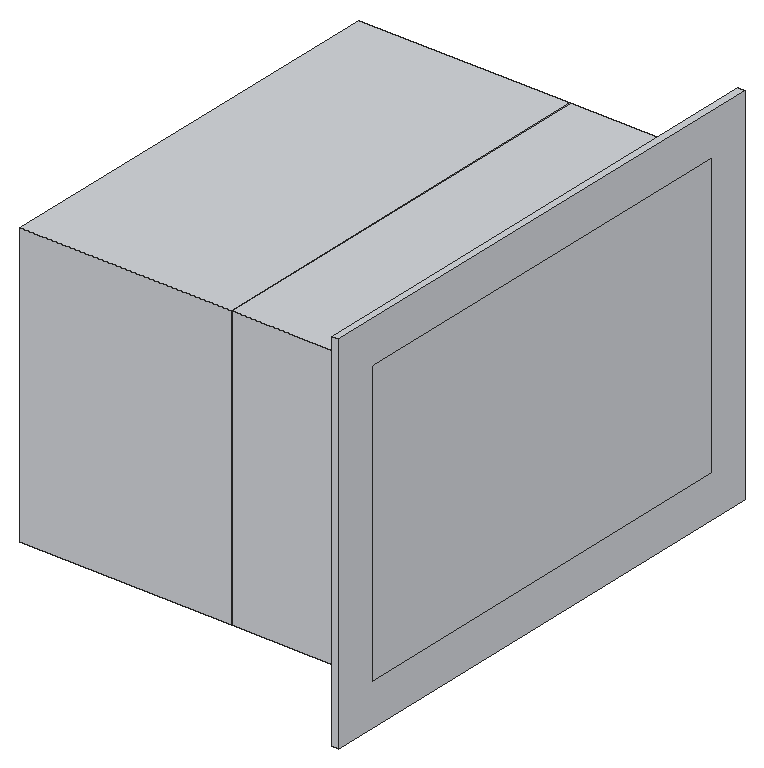
Revit family "RE Kanalteilstutzen SU - Flansch", category Luftkanalformteile, Revit 2014
Parameters (values of type "Allgemein")
  x2 [instance] = if(not(Min. ab > 100 mm), 0 mm, if(not(Min. ab > 125 mm), 25 mm, if(not(Min. ab > 150 mm), 50 mm, if(not(Min. ab > 175 mm), 75 mm, if(not(Min. ab > 200 mm), 100 mm, if(not(Min. ab > 225 mm), 125 mm, 150 mm))))))  # 100 mm
  x1 [instance] = if(x = 0 mm, x2, x)  # 10 mm
  x [instance] = 10 mm
  RLT_DIN_e [instance] = e  # 0 mm
  RLT_DIN_b [instance] = b  # 300 mm
  RLT_DIN_a [instance] = a  # 200 mm
  RLT_DIN_KZ = "SU"
  built-in parameter 1114214 [instance] = 150 mm
  built-in parameter 1114213 [instance] = 100 mm
  built-in parameter 1114215 [instance] = 0.32808 (stored number, unit not read)
  Min. ab [instance] = if(a < b, a, b)  # 200 mm
  Max. ab [instance] = if(a > b, a, b)  # 300 mm
  Länge e2 [instance] = if(not(e = 0 mm), if(e > x1, e, e + x1), Max. ab + x1)  # 310 mm
  Länge e1 [instance] = if(Länge e2 > 2000 mm, 2000 mm, Länge e2)  # 310 mm
  Länge 1 [instance] = if(x1 = 0 mm, 0 mm, x1)  # 10 mm
  e [instance] = 0 mm
  a [instance] = 200 mm
  b [instance] = 300 mm
  Flansch b [instance] = b + Flanschverlängerung * 2  # 360 mm
  Flansch a [instance] = a + Flanschverlängerung * 2  # 260 mm
  Flanschstärke [instance] = 5 mm
  Flanschverlängerung [instance] = 30 mm
Reference planes
  plane 1 "Mitte (vorne/hinten)": y = 0
  plane 2: z = 0
  plane 3 "Mitte (links/rechts)": x = 0
  plane 4: x = -150
  plane 5: x = 100
  plane 6: x = 85
  plane 7: x = 85
  plane 8: x = 95
  plane 9: y = 180
  plane 10: y = -180
Forms (mm)
  Sweep 1, solid, detail levels medium+fine
    path in 3D
      loop
        line (-150, 0, 0) -> (0, 0, 0)
    profile "Luftkanal - rechteckig : Luftkanal - rechteckig" origin (-75, 0, 0) x (0, 1, 0) y (0, 0, 1)
      loop
        line (-150, 100) -> (-150, -100) -> (150, -100) -> (150, 100) -> (-150, 100)
  Sweep 2, solid, detail levels medium+fine
    path in 3D
      loop
        line (0, 0, 0) -> (85, 0, 0)
    profile "Luftkanal - rechteckig : Luftkanal - rechteckig" origin (42.5, 0, 0) x (0, 1, 0) y (0, 0, 1)
      loop
        line (-150, 100) -> (-150, -100) -> (150, -100) -> (150, 100) -> (-150, 100)
  Sweep 3, solid, detail levels medium+fine
    path in 3D
      loop
        line (85, 0, 0) -> (100, 0, 0)
    profile "Luftkanal - rechteckig : Luftkanal - rechteckig" origin (92.5, 0, 0) x (0, 1, 0) y (0, 0, 1)
      loop
        line (-150, 100) -> (-150, -100) -> (150, -100) -> (150, 100) -> (-150, 100)
  Sweep 4, solid, detail levels fine
    path in 3D
      loop
        line (95, 0, 0) -> (100, 0, 0)
    profile "Luftkanal - rechteckig : Luftkanal - Flansch" origin (97.5, 0, 0) x (0, 1, 0) y (0, 0, 1)
      loop
        line (-180, 130) -> (-180, -130) -> (180, -130) -> (180, 130) -> (-180, 130)
Lines and regions (mm)
  reference lines
    curve 1: line (-150, 0, 0) -> (0, 0, 0)
    curve 2: line (0, 0, 0) -> (85, 0, 0)
    curve 3: line (85, 0, 0) -> (100, 0, 0)
    curve 7: line (95, 0, 0) -> (100, 0, 0)
  sketch lines
    curve 4: line (-150, 0, 0) -> (0, 0, 0)
    curve 5: line (0, 0, 0) -> (85, 0, 0)
    curve 6: line (85, 0, 0) -> (100, 0, 0)
    curve 8: line (95, 0, 0) -> (100, 0, 0)
  model lines, detail levels coarse
    curve 9: line (100, 180, 0) -> (100, -180, 0)
Dimensions and locks
  "built-in parameter 1114214": plane 4 to plane 3 "Mitte (links/rechts)"
  "built-in parameter 1114213": plane 3 "Mitte (links/rechts)" to plane 5
  "Flanschstärke": plane 8 to plane 5
  "x1": plane 7 to plane 8
  "Länge 1": plane 6 to plane 8
  equal spacing: plane 9, plane 1 "Mitte (vorne/hinten)", plane 10
  "Flansch b": plane 9 to plane 10
  aligned and locked: plane 4 to curve 1
  aligned and locked: plane 1 "Mitte (vorne/hinten)" to curve 1
  aligned and locked: plane 3 "Mitte (links/rechts)" to curve 2
  aligned and locked: plane 1 "Mitte (vorne/hinten)" to curve 2
  aligned and locked: plane 5 to curve 3
  aligned and locked: plane 1 "Mitte (vorne/hinten)" to curve 3
  aligned and locked: plane 5 to curve 7
  aligned and locked: plane 8 to curve 7
  aligned and locked: plane 1 "Mitte (vorne/hinten)" to curve 7
  aligned and locked: plane 6 to curve 3
  aligned and locked: plane 9 to curve 9
  aligned and locked: plane 10 to curve 9
  aligned and locked: curve 9 to plane 5
Automatic sketch dimensions
  curve 2 to plane 7 = 0 mm
Connectors
  hvac at (0, 0, 0), driven by "a", driven by "b"
    settings: on Sweep 2, index 1, duct flow 0.0 L/s, flow factor 0, pres drop 0.0 Pa, loss coef 0, conn angle 0.00°, conn width 300 mm, conn height 200 mm, conn diameter 609.6 mm, duct sys type 28, conn prof type 1, flow config 0, flow direction 0, loss method 0, conn ref index 2, conn util no, is conn primary yes, conn desc ""
  hvac at (100, 0, 0), driven by "a", driven by "b"
    settings: on Sweep 3, index 2, duct flow 0.0 L/s, flow factor 0, pres drop 0.0 Pa, loss coef 0, conn angle 0.00°, conn width 300 mm, conn height 200 mm, conn diameter 609.6 mm, duct sys type 28, conn prof type 1, flow config 0, flow direction 0, loss method 0, conn ref index 1, conn util no, is conn primary no, conn desc ""
